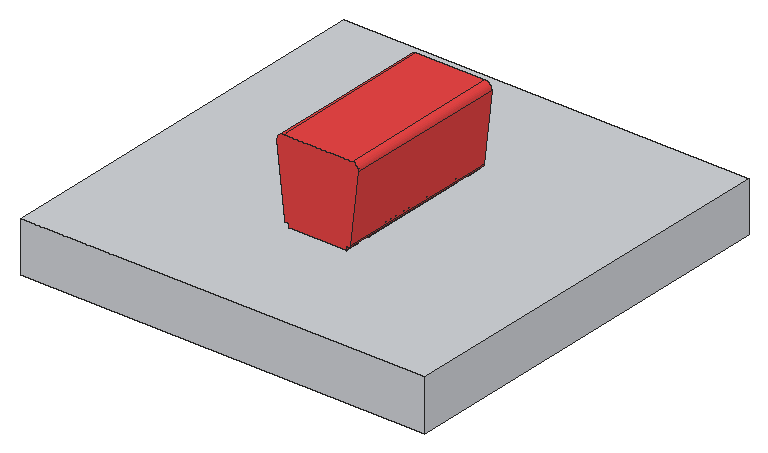
Revit family "Modullaro ML 01", category Meble, Revit 2018
Family settings
  Obiekt nadrzędny = Powierzchnia
  Numer OmniClass = 23.40.10.11.14
  Tytuł OmniClass = Exterior Seating
  Tnij formami wycięć po wczytaniu = Nie
  Współdzielony = Nie
  Punkt obliczania pomieszczeń = Nie
Parameters (values of type "Modullaro ML 01")
  Wysokość = 500 mm  # constant formula
  Waga (szacunkowo) = 16.00 kg  # constant formula
  URL = "http://astrini-design.pl/"
  Temepratura użytkowania = "-40°C do 80°C, ( -40°F do 176°F )"  # constant formula
  Szerokość = 494 mm  # constant formula
  Producent = "Astrini Design"  # constant formula
  Obraz typu = ML-1.jpg
  Model = "Modullaro ML 01"  # constant formula
  Materiał - informacja = "Szeroki wybór kolorów wg palety RAL. Istnieje również możliwość specjalnego wykonania kolorystycznego na indywidualne zapytanie klienta."
  Materiał [instance] = ASTRINI DESIGN_Laminat PWS
  Komentarze do typu = "Ławka"  # constant formula
  IfcExportAs = "IfcFurnishingElement"  # constant formula
  Długość = 1000 mm  # constant formula
  Default Elevation = 1219.2 mm
Reference planes
  plane 1 "Środek (Przód/Tył)": y = 0
  plane 2: z = 0
  plane 3 "Środek (Lewa/Prawa)": x = 0
  plane 4: y = 500
  plane 5: y = -500
Forms (mm)
  Extrusion 1, solid
    sketch origin (0, 0, 0) x (1, 0, 0) y (0, 1, 0)
      loop
        line (-1219.2, 1219.2) -> (-1219.2, -1219.2) -> (1219.2, -1219.2) -> (1219.2, 1219.2) -> (-1219.2, 1219.2)
    from 0 to -304.8
  Extrusion 2, solid, material "ASTRINI DESIGN_Laminat PWS" <- "Materiał", detail levels fine
    sketch origin (0, 0, 0) x (1, 0, 0) y (0, 0, 1)
      loop
        line (-245.577, 448.862) -> (-200.96, 33.931)
        arc (-200.96, 33.931) -> (-197.7, 27.561) -> (-191.018, 25) r 10
        line (-191.018, 25) -> (-180, 25)
        arc (-180, 25) -> (-176.464, 23.536) -> (-175, 20) r 5
        line (-175, 20) -> (-175, 5)
        arc (-175, 5) -> (-173.536, 1.464) -> (-170, 0) r 5
        line (-170, 0) -> (170, 0)
        arc (170, 0) -> (173.536, 1.464) -> (175, 5) r 5
        line (175, 5) -> (175, 20)
        arc (175, 20) -> (176.464, 23.536) -> (180, 25) r 5
        line (180, 25) -> (191.018, 25)
        arc (191.018, 25) -> (197.7, 27.561) -> (200.96, 33.931) r 10
        line (200.96, 33.931) -> (245.577, 448.862)
        arc (245.577, 448.862) -> (236.429, 478.862) -> (208.448, 493.03) r 39.979
        arc (208.448, 493.03) -> (0, 499.871) -> (-208.448, 493.03) r 3179.203
        arc (-208.448, 493.03) -> (-236.429, 478.862) -> (-245.577, 448.862) r 39.979
    from -500 to 500
  Extrusion 3, void
    sketch origin (0, 0, 0) x (1, 0, 0) y (0, 1, 0)
      loop
        arc (-162.837, -413.471) -> (-134.857, -375.279) -> (-162.837, -337.087) r 40.055
        arc (-162.837, -337.087) -> (-175.694, -327.555) -> (-179.954, -312.128) r 24.571
        line (-179.954, -312.128) -> (-295, -312.128) -> (-295, -437.082) -> (-180, -437.082)
        arc (-180, -437.082) -> (-175.305, -422.452) -> (-162.837, -413.471) r 24.57
      loop
        arc (162.837, -413.471) -> (175.305, -422.452) -> (180, -437.082) r 24.57
        line (180, -437.082) -> (295, -437.082) -> (295, -312.128) -> (179.954, -312.128)
        arc (179.954, -312.128) -> (175.694, -327.555) -> (162.837, -337.087) r 24.571
        arc (162.837, -337.087) -> (134.857, -375.279) -> (162.837, -413.471) r 40.055
      loop
        arc (-162.837, 413.471) -> (-175.305, 422.452) -> (-180, 437.082) r 24.57
        line (-180, 437.082) -> (-295, 437.082) -> (-295, 312.128) -> (-179.954, 312.128)
        arc (-179.954, 312.128) -> (-175.694, 327.555) -> (-162.837, 337.087) r 24.571
        arc (-162.837, 337.087) -> (-134.857, 375.279) -> (-162.837, 413.471) r 40.055
      loop
        arc (162.837, 413.471) -> (134.857, 375.279) -> (162.837, 337.087) r 40.055
        arc (162.837, 337.087) -> (175.694, 327.555) -> (179.954, 312.128) r 24.571
        line (179.954, 312.128) -> (295, 312.128) -> (295, 437.082) -> (180, 437.082)
        arc (180, 437.082) -> (175.305, 422.452) -> (162.837, 413.471) r 24.57
    from -30 to 24.5
  Extrusion 4, solid, material "ASTRINI DESIGN_Laminat PWS" <- "Materiał", detail levels medium
    sketch origin (0, 0, 0) x (1, 0, 0) y (0, 0, 1)
      loop
        line (-245.577, 448.862) -> (-197.312, 0) -> (197.312, 0) -> (245.577, 448.862)
        arc (245.577, 448.862) -> (236.429, 478.862) -> (208.448, 493.03) r 39.979
        arc (208.448, 493.03) -> (0, 499.871) -> (-208.448, 493.03) r 3179.203
        arc (-208.448, 493.03) -> (-236.429, 478.862) -> (-245.577, 448.862) r 39.979
    from -500 to 500
  Extrusion 5, solid, material "ASTRINI DESIGN_Laminat PWS" <- "Materiał", detail levels coarse
    sketch origin (0, 0, 0) x (1, 0, 0) y (0, 0, 1)
      loop
        line (245.577, 0) -> (245.577, 499.871) -> (-245.577, 499.871) -> (-245.577, 0) -> (245.577, 0)
    from -500 to 500
Cuts and joins
  Extrusion 3 cuts Extrusion 2
Lines and regions (mm)
  symbolic lines
    curve 1: line (-245.806, 500, 0) -> (245.806, 500, 0)
    curve 2: line (-245.806, -500, 0) -> (-245.806, 500, 0)
    curve 3: line (245.806, -500, 0) -> (-245.806, -500, 0)
    curve 4: line (245.806, 500, 0) -> (245.806, -500, 0)
Dimensions and locks
  equal spacing: plane 4, plane 1 "Środek (Przód/Tył)", plane 5
  "Długość": plane 4 to plane 5
  aligned and locked: plane 2 to Extrusion 1
  aligned and locked: level to Extrusion 1
  aligned and locked: curve 1 to plane 4
  aligned and locked: plane 5 to curve 3
  aligned and locked: Extrusion 5 to plane 5
  aligned and locked: plane 4 to Extrusion 5
  aligned and locked: plane 4 to Extrusion 4
  aligned and locked: Extrusion 4 to plane 5
  aligned and locked: plane 4 to Extrusion 2
  aligned and locked: Extrusion 2 to plane 5
Automatic sketch dimensions
  Extrusion 1 sketch curve to Extrusion 1 sketch curve = 2438.4 mm  (x2)
  Extrusion 2 sketch curve to level = 0 mm
  plane 3 "Środek (Lewa/Prawa)" to Extrusion 2 sketch curve = 0 mm
  level to Extrusion 2 sketch curve = 5 mm  (x2)
  Extrusion 2 sketch curve to plane 3 "Środek (Lewa/Prawa)" = 170 mm
  Extrusion 2 sketch curve to Extrusion 2 sketch curve = 5 mm  (x2)
  Extrusion 2 sketch curve to Extrusion 2 sketch curve = 11.018 mm  (x2)
  level to Extrusion 2 sketch curve = 33.931 mm  (x2)
  Extrusion 2 sketch curve to Extrusion 2 sketch curve = 9.943 mm  (x2)
  Extrusion 2 sketch curve to plane 3 "Środek (Lewa/Prawa)" = 205.826 mm
  Extrusion 2 sketch curve to Extrusion 2 sketch curve = 39.75 mm  (x2)
  plane 3 "Środek (Lewa/Prawa)" to Extrusion 2 sketch curve = 170 mm
  plane 3 "Środek (Lewa/Prawa)" to Extrusion 2 sketch curve = 205.826 mm
  Extrusion 2 sketch curve to level = 2679.333 mm
  Extrusion 2 sketch curve to Extrusion 2 sketch curve = 15 mm  (x2)
  Extrusion 2 sketch curve to Extrusion 2 sketch curve = 414.931 mm  (x2)
  Extrusion 2 sketch curve to Extrusion 2 sketch curve = 4.274 mm  (x2)
  Extrusion 2 sketch curve to Extrusion 2 sketch curve = 0 mm
  Extrusion 3 sketch curve to plane 4 = 62.918 mm  (x2)
  Extrusion 3 sketch curve to plane 3 "Środek (Lewa/Prawa)" = 295 mm  (x2)
  Extrusion 3 sketch curve to Extrusion 3 sketch curve = 115 mm  (x4)
  Extrusion 3 sketch curve to Extrusion 3 sketch curve = 115.046 mm  (x2)
  Extrusion 3 sketch curve to Extrusion 3 sketch curve = 5.088 mm  (x2)
  Extrusion 3 sketch curve to Extrusion 3 sketch curve = 24.569 mm  (x4)
  Extrusion 3 sketch curve to Extrusion 3 sketch curve = 24.523 mm  (x4)
  plane 3 "Środek (Lewa/Prawa)" to Extrusion 3 sketch curve = 155.43 mm  (x2)
  Extrusion 3 sketch curve to Extrusion 3 sketch curve = 0 mm  (x6)
  Extrusion 3 sketch curve to Extrusion 3 sketch curve = 19.481 mm  (x2)
  Extrusion 3 sketch curve to plane 4 = 63.102 mm
  Extrusion 3 sketch curve to Extrusion 3 sketch curve = 0.184 mm  (x3)
  Extrusion 3 sketch curve to Extrusion 3 sketch curve = 61.619 mm
  Extrusion 3 sketch curve to Extrusion 3 sketch curve = 61.803 mm
  Extrusion 3 sketch curve to Extrusion 3 sketch curve = 61.62 mm  (x2)
  Extrusion 3 sketch curve to Extrusion 3 sketch curve = 124.955 mm
  Extrusion 3 sketch curve to Extrusion 3 sketch curve = 63.151 mm  (x3)
  plane 5 to Extrusion 3 sketch curve = 187.872 mm  (x2)
  Extrusion 3 sketch curve to Extrusion 3 sketch curve = 1.531 mm  (x2)
  plane 5 to Extrusion 3 sketch curve = 63.102 mm  (x2)
  Extrusion 4 sketch curve to level = 0 mm
  plane 3 "Środek (Lewa/Prawa)" to Extrusion 4 sketch curve = 0 mm
  Extrusion 4 sketch curve to plane 3 "Środek (Lewa/Prawa)" = 197.312 mm
  Extrusion 4 sketch curve to plane 3 "Środek (Lewa/Prawa)" = 205.826 mm
  Extrusion 4 sketch curve to Extrusion 4 sketch curve = 39.75 mm  (x2)
  plane 3 "Środek (Lewa/Prawa)" to Extrusion 4 sketch curve = 197.312 mm
  plane 3 "Środek (Lewa/Prawa)" to Extrusion 4 sketch curve = 205.826 mm
  Extrusion 4 sketch curve to level = 2679.333 mm
  level to Extrusion 4 sketch curve = 448.862 mm  (x2)
  Extrusion 4 sketch curve to Extrusion 4 sketch curve = 4.274 mm  (x2)
  Extrusion 4 sketch curve to Extrusion 4 sketch curve = 0 mm
  Extrusion 5 sketch curve to level = 0 mm
  Extrusion 5 sketch curve to plane 3 "Środek (Lewa/Prawa)" = 245.577 mm
  plane 3 "Środek (Lewa/Prawa)" to Extrusion 5 sketch curve = 245.577 mm
  Extrusion 5 sketch curve to Extrusion 5 sketch curve = 499.871 mm
  curve 3 to plane 3 "Środek (Lewa/Prawa)" = 245.806 mm
  plane 3 "Środek (Lewa/Prawa)" to curve 3 = 245.806 mm
